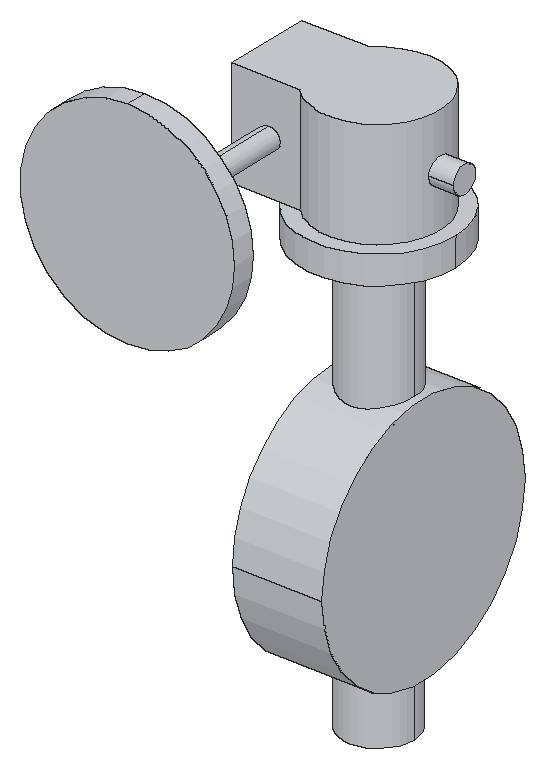
Revit family "HS497-68_disk-nerez_převodové kolo DN100-RFA_2019", category Pipe Accessories, Revit 2019
Family settings
  Round Connector Dimension = Use Diameter
  Part Type = Valve - Breaks Into
  Work Plane-Based = No
  Always vertical = Yes
  Cut with Voids When Loaded = No
  Shared = No
Parameters (values of type "HS 497-68_DN100_PN16_převodové kolo")
  magiProductId = "11e91b807e674d428c8e796fcdcfe2"
  magiProductFamilyId = "53cea81e6f374d17b8841d9c72ad77"
  magiPartTypeId = 305
  isMeasuringValve [instance] = no
  ang2D [instance] = 0.00°
  X11 = 61.456 mm
  X1 = 25.456 mm
  W2D = 1000 mm
  VersionID = "2.0/2017.9.26.1/ZETKAMA_497_001"
  Use Minimum Symbol Size [instance] = yes
  URL = "http://www.hydronic.cz"
  Type Comments = "mezipřírubová; nerezový disk; PN16; -10~+110°C (krátkodobě +120°C)"
  SW30 = yes
  SW3 = yes
  SW21 = no
  SW20 = no
  SW2 = no
  SW1 = no
  R = 50 mm
  QmdConnectorList = "301;D;302;D"
  Productdata [instance] = ""
  NC = 50 mm
  Manufacturer = "Hydronic Systems Prague s.r.o."
  MM20 = 25.456 mm
  MC Product Code = "126 100 (nerezový disk, s převodovým kolem; DN100; PN16, kvs512)"
  M41 = 65.25 mm
  M4 = 43.5 mm
  LHL = 220 mm
  LHH3 = 2.45 mm
  LHH1 = 46.55 mm
  LH1 = 73.333 mm
  L4R__ve = -L4R  # -12.8 mm
  L4R = 12.8 mm
  L42__ve = -L42  # -96 mm
  L42 = 96 mm
  L41__ve = -L41  # -19.2 mm
  L41 = 19.2 mm
  L2D_Min = 3048 mm
  L2D = 216 mm
  L2 = 26 mm
  L1 = 41.6 mm
  L = 52 mm
  H = 30 mm
  G22 = 11.25 mm
  G2 = 22.5 mm
  G1 = 90 mm
  G = 90 mm
  F = 11 mm
  E44 = 31.25 mm
  E42 = 62.5 mm
  E4 = 125 mm
  E23 = 4.9 mm
  E22 = 19.6 mm
  E21 = 9.8 mm
  Description = "Mezipřírubová uzavírací klapka s převodovým kolem; nerezový disk, DN100; PN16; kvs512"
  DR2 = 50 mm
  DR = 147 mm
  DD1 = 15.625 mm
  DD = 12.5 mm
  D = 100 mm
  CAT0 = yes
  B2__ve = -B2  # -56 mm
  B2 = 56 mm
  A2 = 16.5 mm
  A1 = 98.5 mm
Types (43, lengths in mm): name | magiProductId | X11 | X1 | Type Comments | SW30 | SW3 | SW20 | SW2 | SW1 | R | NC | Manufacturer | MM20 | MC Product Code | M41 | M4 | LHL | LHH3 | LHH1 | LH1 | L4R__ve | L4R | L42__ve | L42 | L41__ve | L41 | L2 | L1 | L | H | G | F | E44 | E42 | E4 | E23 | E22 | E21 | Description | DR2 | DR | DD1 | DD | D | B2__ve | B2 | A2 | A1
  HS 497-68_DN100_PN16_volné vřeteno | "65d1b245f4f142c78569c0602d5754" | 61.456 | 25.456 | "mezipřírubová; nerezový disk; PN16; -10~+110°C (krátkodobě +120°C)" | no | no | no | no | yes | 50 | 50 | "Hydronic Systems Prague s.r.o." | 25.456 | "124 100 (nerezový disk, s volným vřetenem; DN100; PN16, kvs512)" | 66 | 44 | 220 | 2.45 | 46.55 | 73.333 | -12.8 | 12.8 | -96 | 96 | -19.2 | 19.2 | 26 | 41.6 | 52 | 30 | 90 | 11 | 31.25 | 62.5 | 125 | 4.9 | 19.6 | 9.8 | "Mezipřírubová uzavírací klapka s volným vřetenem; nerezový disk, DN100; PN16; kvs512" | 50 | 147 | 15.625 | 12.5 | 100 | -56 | 56 | 16.5 | 98.5
  HS 497-68_DN100_PN16_převodové kolo | "11e91b807e674d428c8e796fcdcfe2" | 61.456 | 25.456 | "mezipřírubová; nerezový disk; PN16; -10~+110°C (krátkodobě +120°C)" | yes | yes | no | no | no | 50 | 50 | "Hydronic Systems Prague s.r.o." | 25.456 | "126 100 (nerezový disk, s převodovým kolem; DN100; PN16, kvs512)" | 65.25 | 43.5 | 220 | 2.45 | 46.55 | 73.333 | -12.8 | 12.8 | -96 | 96 | -19.2 | 19.2 | 26 | 41.6 | 52 | 30 | 90 | 11 | 31.25 | 62.5 | 125 | 4.9 | 19.6 | 9.8 | "Mezipřírubová uzavírací klapka s převodovým kolem; nerezový disk, DN100; PN16; kvs512" | 50 | 147 | 15.625 | 12.5 | 100 | -56 | 56 | 16.5 | 98.5
  HS 497-68_DN100_PN16_s pákou | "28172f0b3f4b47b28323ac71cf8749" | 61.456 | 25.456 | "mezipřírubová; nerezový disk; PN16; -10~+110°C (krátkodobě +120°C)" | no | no | yes | yes | no | 50 | 50 | "Hydronic Systems Prague s.r.o." | 25.456 | "121 100 (nerezový disk, s pákou; DN100; PN16, kvs512)" | 66 | 44 | 260 | 3 | 57 | 86.667 | -12.8 | 12.8 | -96 | 96 | -19.2 | 19.2 | 26 | 41.6 | 52 | 30 | 90 | 11 | 31.25 | 62.5 | 125 | 6 | 24 | 12 | "Mezipřírubová uzavírací klapka s pákou; nerezový disk, DN100; PN16; kvs512" | 50 | 147 | 15.625 | 12.5 | 100 | -56 | 56 | 16.5 | 98.5
  HS 497-68_DN125_PN16_volné vřeteno | "0d813d910fc14f628bb3c2efbd185c" | 61.456 | 25.456 | "mezipřírubová; nerezový disk; PN16; -10~+110°C (krátkodobě +120°C)" | no | no | no | no | yes | 62.5 | 50 | "Hydronic Systems Prague s.r.o." | 25.456 | "124 125 (nerezový disk, s volným vřetenem; DN125; PN16, kvs872)" | 66 | 44 | 220 | 2.45 | 46.55 | 73.333 | -12.8 | 12.8 | -96 | 96 | -19.2 | 19.2 | 28 | 44.8 | 56 | 33 | 90 | 14 | 31.25 | 62.5 | 125 | 4.9 | 19.6 | 9.8 | "Mezipřírubová uzavírací klapka s volným vřetenem; nerezový disk, DN125; PN16; kvs872" | 62.5 | 180 | 15.625 | 12.5 | 125 | -64 | 64 | 18 | 99.5
  HS 497-68_DN125_PN16_převodové kolo | "c56b7c13f372467684996fb1e0e229" | 61.456 | 25.456 | "mezipřírubová; nerezový disk; PN16; -10~+110°C (krátkodobě +120°C)" | yes | yes | no | no | no | 62.5 | 50 | "Hydronic Systems Prague s.r.o." | 25.456 | "126125 (nerezový disk, s převodovým kolem; DN125; PN16, kvs872)" | 65.25 | 43.5 | 220 | 2.45 | 46.55 | 73.333 | -13.5 | 13.5 | -101.25 | 101.25 | -20.25 | 20.25 | 28 | 44.8 | 56 | 33 | 90 | 14 | 40 | 80 | 160 | 4.9 | 19.6 | 9.8 | "Mezipřírubová uzavírací klapka s převodovým kolem; nerezový disk, DN125; PN16; kvs872" | 62.5 | 180 | 20 | 16 | 125 | -64 | 64 | 18 | 99.5
  HS 497-68_DN125_PN16_s pákou | "105993c79a91492399feef7931321a" | 61.456 | 25.456 | "mezipřírubová; nerezový disk; PN16; -10~+110°C (krátkodobě +120°C)" | no | no | yes | yes | no | 62.5 | 50 | "Hydronic Systems Prague s.r.o." | 25.456 | "121 125 (nerezový disk, s pákou; DN125; PN16, kvs872)" | 66 | 44 | 315 | 3.75 | 71.25 | 105 | -12.8 | 12.8 | -96 | 96 | -19.2 | 19.2 | 28 | 44.8 | 56 | 33 | 90 | 14 | 31.25 | 62.5 | 125 | 7.5 | 30 | 15 | "Mezipřírubová uzavírací klapka s pákou; nerezový disk, DN125; PN16; kvs872" | 62.5 | 180 | 15.625 | 12.5 | 125 | -64 | 64 | 18 | 99.5
  HS 497-68_DN150_PN16_volné vřeteno | "50c80cb8ab434f55ab7796e5ac1331" | 61.456 | 25.456 | "mezipřírubová; nerezový disk; PN16; -10~+110°C (krátkodobě +120°C)" | no | no | no | no | yes | 75 | 50 | "Hydronic Systems Prague s.r.o." | 25.456 | "124 150 (nerezový disk, s volným vřetenem; DN150; PN16, kvs1347)" | 66 | 44 | 220 | 2.45 | 46.55 | 73.333 | -12.8 | 12.8 | -96 | 96 | -19.2 | 19.2 | 28 | 44.8 | 56 | 33 | 90 | 14 | 31.25 | 62.5 | 125 | 4.9 | 19.6 | 9.8 | "Mezipřírubová uzavírací klapka s volným vřetenem; nerezový disk, DN150; PN16; kvs1347" | 75 | 206 | 15.625 | 12.5 | 150 | -58 | 58 | 19.3 | 98.7
  HS 497-68_DN150_PN16_převodové kolo | "d94a1a0cf83b476eb10011b327f709" | 61.456 | 25.456 | "mezipřírubová; nerezový disk; PN16; -10~+110°C (krátkodobě +120°C)" | yes | yes | no | no | no | 75 | 50 | "Hydronic Systems Prague s.r.o." | 25.456 | "126 150 (nerezový disk, s převodovým kolem; DN150; PN16, kvs1347)" | 65.25 | 43.5 | 220 | 2.45 | 46.55 | 73.333 | -13.5 | 13.5 | -101.25 | 101.25 | -20.25 | 20.25 | 28 | 44.8 | 56 | 33 | 90 | 14 | 40 | 80 | 160 | 4.9 | 19.6 | 9.8 | "Mezipřírubová uzavírací klapka s převodovým kolem; nerezový disk, DN150; PN16; kvs1347" | 75 | 206 | 20 | 16 | 150 | -58 | 58 | 19.3 | 98.7
  HS 497-68_DN150_PN16_s pákou | "4d2835523fe84828bc50ff0a5a0dfb" | 61.456 | 25.456 | "mezipřírubová; nerezový disk; PN16; -10~+110°C (krátkodobě +120°C)" | no | no | yes | yes | no | 75 | 50 | "Hydronic Systems Prague s.r.o." | 25.456 | "121 150 (nerezový disk, s pákou; DN150; PN16, kvs1347)" | 66 | 44 | 315 | 3.75 | 71.25 | 105 | -12.8 | 12.8 | -96 | 96 | -19.2 | 19.2 | 28 | 44.8 | 56 | 33 | 90 | 14 | 31.25 | 62.5 | 125 | 7.5 | 30 | 15 | "Mezipřírubová uzavírací klapka s pákou; nerezový disk, DN150; PN16; kvs1347" | 75 | 206 | 15.625 | 12.5 | 150 | -58 | 58 | 19.3 | 98.7
  HS 497-68_DN200_PN16_volné vřeteno | "5b29029eaeba47139ee1055a4b9201" | 61.456 | 25.456 | "mezipřírubová; nerezový disk; PN16; -10~+110°C (krátkodobě +120°C)" | no | no | no | no | yes | 100 | 50 | "Hydronic Systems Prague s.r.o." | 25.456 | "124 200 (nerezový disk, s volným vřetenem; DN200; PN16, kvs2675)" | 66 | 44 | 220 | 2.45 | 46.55 | 73.333 | -12.8 | 12.8 | -96 | 96 | -19.2 | 19.2 | 30 | 48 | 60 | 33 | 90 | 17 | 31.25 | 62.5 | 125 | 4.9 | 19.6 | 9.8 | "Mezipřírubová uzavírací klapka s volným vřetenem; nerezový disk, DN200; PN16; kvs2675" | 100 | 257 | 15.625 | 12.5 | 200 | -70 | 70 | 22.5 | 102.5
  HS 497-68_DN200_PN16_převodové kolo | "b2793cc1fcc44cf2a35062cd67c04f" | 61.456 | 25.456 | "mezipřírubová; nerezový disk; PN16; -10~+110°C (krátkodobě +120°C)" | yes | yes | no | no | no | 100 | 57 | "Hydronic Systems Prague s.r.o." | 25.456 | "126 200 (nerezový disk, s převodovým kolem; DN200; PN16, kvs2675)" | 78.75 | 52.5 | 220 | 2.45 | 46.55 | 73.333 | -15.2 | 15.2 | -114 | 114 | -22.8 | 22.8 | 30 | 48 | 60 | 33 | 90 | 17 | 50 | 100 | 200 | 4.9 | 19.6 | 9.8 | "Mezipřírubová uzavírací klapka s převodovým kolem; nerezový disk, DN200; PN16; kvs2675" | 100 | 257 | 25 | 20 | 200 | -70 | 70 | 22.5 | 102.5
  HS 497-68_DN200_PN16_s pákou | "f88d96c7af224537a51e72d7d8fffe" | 61.456 | 25.456 | "mezipřírubová; nerezový disk; PN16; -10~+110°C (krátkodobě +120°C)" | no | no | yes | yes | no | 100 | 50 | "Hydronic Systems Prague s.r.o." | 25.456 | "121 200 (nerezový disk, s pákou; DN200; PN16, kvs2675)" | 66 | 44 | 315 | 3.75 | 71.25 | 105 | -12.8 | 12.8 | -96 | 96 | -19.2 | 19.2 | 30 | 48 | 60 | 33 | 90 | 17 | 31.25 | 62.5 | 125 | 7.5 | 30 | 15 | "Mezipřírubová uzavírací klapka s pákou; nerezový disk, DN200; PN16; kvs2675" | 100 | 257 | 15.625 | 12.5 | 200 | -70 | 70 | 22.5 | 102.5
  HS 497-68_DN250_PN16_volné vřeteno | "b662e8305ca2402b9c510e66e6aa55" | 88.77 | 36.77 | "mezipřírubová; nerezový disk; PN16; -10~+110°C (krátkodobě +120°C)" | no | no | no | no | yes | 125 | 50 | "Hydronic Systems Prague s.r.o." | 36.77 | "124 250 (nerezový disk, s volným vřetenem; DN250; PN16, kvs4555)" | 66 | 44 | 220 | 2.45 | 46.55 | 73.333 | -12.8 | 12.8 | -96 | 96 | -19.2 | 19.2 | 34 | 54.4 | 68 | 23 | 130 | 22 | 31.25 | 62.5 | 125 | 4.9 | 19.6 | 9.8 | "Mezipřírubová uzavírací klapka s volným vřetenem; nerezový disk, DN250; PN16; kvs4555" | 125 | 324 | 15.625 | 12.5 | 250 | -85 | 85 | 28.25 | 129.25
  HS 497-68_DN250_PN16_převodové kolo | "5ee9016806664ddfaa2632711f295c" | 88.77 | 36.77 | "mezipřírubová; nerezový disk; PN16; -10~+110°C (krátkodobě +120°C)" | yes | yes | no | no | no | 125 | 70 | "Hydronic Systems Prague s.r.o." | 36.77 | "126 250 (nerezový disk, s převodovým kolem; DN250; PN16, kvs4555)" | 91.5 | 61 | 220 | 2.45 | 46.55 | 73.333 | -22.2 | 22.2 | -166.5 | 166.5 | -33.3 | 33.3 | 34 | 54.4 | 68 | 23 | 130 | 22 | 62.5 | 125 | 250 | 4.9 | 19.6 | 9.8 | "Mezipřírubová uzavírací klapka s převodovým kolem; nerezový disk, DN250; PN16; kvs4555" | 125 | 324 | 31.25 | 25 | 250 | -85 | 85 | 28.25 | 129.25
  HS 497-68_DN300_PN16_volné vřeteno | "e1886f51ff004380a649519258edf2" | 88.77 | 36.77 | "mezipřírubová; nerezový disk; PN16; -10~+110°C (krátkodobě +120°C)" | no | no | no | no | yes | 150 | 50 | "Hydronic Systems Prague s.r.o." | 36.77 | "124 300 (nerezový disk, s volným vřetenem; DN300; PN16, kvs7037)" | 66 | 44 | 220 | 2.45 | 46.55 | 73.333 | -12.8 | 12.8 | -96 | 96 | -19.2 | 19.2 | 39 | 62.4 | 78 | 23 | 130 | 22 | 31.25 | 62.5 | 125 | 4.9 | 19.6 | 9.8 | "Mezipřírubová uzavírací klapka s volným vřetenem; nerezový disk, DN300; PN16; kvs7037" | 150 | 376 | 15.625 | 12.5 | 300 | -90 | 90 | 30.8 | 127.2
  HS 497-68_DN300_PN16_převodové kolo | "6860f094f77d42088fbebc3c97f755" | 88.77 | 36.77 | "mezipřírubová; nerezový disk; PN16; -10~+110°C (krátkodobě +120°C)" | yes | yes | no | no | no | 150 | 70 | "Hydronic Systems Prague s.r.o." | 36.77 | "126 300 (nerezový disk, s převodovým kolem; DN300; PN16, kvs7037)" | 91.5 | 61 | 220 | 2.45 | 46.55 | 73.333 | -22.2 | 22.2 | -166.5 | 166.5 | -33.3 | 33.3 | 39 | 62.4 | 78 | 23 | 130 | 22 | 62.5 | 125 | 250 | 4.9 | 19.6 | 9.8 | "Mezipřírubová uzavírací klapka s převodovým kolem; nerezový disk, DN300; PN16; kvs7037" | 150 | 376 | 31.25 | 25 | 300 | -90 | 90 | 30.8 | 127.2
  HS 497-68_DN032_PN16_volné vřeteno | "8c5f65de52aa4067a77564107e31b2" | 61.456 | 25.456 | "mezipřírubová; nerezový disk; PN16; -10~+110°C (krátkodobě +120°C)" | no | no | no | no | yes | 16 | 50 | "Hydronic Systems Prague s.r.o." | 25.456 | "124 032 (nerezový disk, s volným vřetenem; DN32; PN16, kvs78)" | 66 | 44 | 220 | 2.45 | 46.55 | 73.333 | -12.8 | 12.8 | -96 | 96 | -19.2 | 19.2 | 16.5 | 26.4 | 33 | 30 | 90 | 11 | 31.25 | 62.5 | 125 | 4.9 | 19.6 | 9.8 | "Mezipřírubová uzavírací klapka s volným vřetenem; nerezový disk, DN32; PN16; kvs78" | 16 | 68 | 15.625 | 12.5 | 32 | -44.2 | 44.2 | 10.25 | 76.25
  HS 497-68_DN032_PN16_převodové kolo | "60aaeffa8b3a4e809ef000e4660060" | 61.456 | 25.456 | "mezipřírubová; nerezový disk; PN16; -10~+110°C (krátkodobě +120°C)" | yes | yes | no | no | no | 16 | 50 | "Hydronic Systems Prague s.r.o." | 25.456 | "126 032 (nerezový disk, s převodovým kolem; DN32; PN16, kvs78)" | 65.25 | 43.5 | 220 | 2.45 | 46.55 | 73.333 | -12.8 | 12.8 | -96 | 96 | -19.2 | 19.2 | 16.5 | 26.4 | 33 | 30 | 90 | 11 | 31.25 | 62.5 | 125 | 4.9 | 19.6 | 9.8 | "Mezipřírubová uzavírací klapka s převodovým kolem; nerezový disk, DN32; PN16; kvs78" | 16 | 68 | 15.625 | 12.5 | 32 | -44.2 | 44.2 | 10.25 | 76.25
  HS 497-68_DN032_PN16_s pákou | "9ad8088d610749a1b871aa2aad8007" | 61.456 | 25.456 | "mezipřírubová; nerezový disk; PN16; -10~+110°C (krátkodobě +120°C)" | no | no | yes | yes | no | 16 | 50 | "Hydronic Systems Prague s.r.o." | 25.456 | "121 032 (nerezový disk, s pákou; DN32; PN16, kvs78)" | 66 | 44 | 220 | 2.45 | 46.55 | 73.333 | -12.8 | 12.8 | -96 | 96 | -19.2 | 19.2 | 16.5 | 26.4 | 33 | 30 | 90 | 11 | 31.25 | 62.5 | 125 | 4.9 | 19.6 | 9.8 | "Mezipřírubová uzavírací klapka s pákou; nerezový disk, DN32; PN16; kvs78" | 16 | 68 | 15.625 | 12.5 | 32 | -44.2 | 44.2 | 10.25 | 76.25
  HS 497-68_DN350_PN10_volné vřeteno | "72a1e05f22944421b7e9596a877137" | 109.255 | 45.255 | "mezipřírubová; nerezový disk; PN10; -10~+110°C (krátkodobě +120°C)" | no | no | no | no | yes | 175 | 50 | "Hydronic Systems Prague s.r.o." | 45.255 | "124 350 (nerezový disk, s volným vřetenem; DN350; PN10, kvs10165)" | 66 | 44 | 220 | 2.45 | 46.55 | 73.333 | -12.8 | 12.8 | -96 | 96 | -19.2 | 19.2 | 39 | 62.4 | 78 | 31 | 160 | 22 | 31.25 | 62.5 | 125 | 4.9 | 19.6 | 9.8 | "Mezipřírubová uzavírací klapka s volným vřetenem; nerezový disk, DN350; PN10; kvs10165" | 175 | 430 | 15.625 | 12.5 | 350 | -88 | 88 | 33.85 | 129.65
  HS 497-68_DN350_PN10_převodové kolo | "a5a01426cb28494ba3afca92f1dace" | 109.255 | 45.255 | "mezipřírubová; nerezový disk; PN10; -10~+110°C (krátkodobě +120°C)" | yes | yes | no | no | no | 175 | 70 | "Hydronic Systems Prague s.r.o." | 45.255 | "126 350 (nerezový disk, s převodovým kolem; DN350; PN10, kvs10165)" | 91.5 | 61 | 220 | 2.45 | 46.55 | 73.333 | -22.2 | 22.2 | -166.5 | 166.5 | -33.3 | 33.3 | 39 | 62.4 | 78 | 31 | 160 | 22 | 62.5 | 125 | 250 | 4.9 | 19.6 | 9.8 | "Mezipřírubová uzavírací klapka s převodovým kolem; nerezový disk, DN350; PN10; kvs10165" | 175 | 430 | 31.25 | 25 | 350 | -88 | 88 | 33.85 | 129.65
  HS 497-68_DN400_PN10_volné vřeteno | "c70ebeb927c04ab99b176e257ad0a7" | 109.255 | 45.255 | "mezipřírubová; nerezový disk; PN10; -10~+110°C (krátkodobě +120°C)" | no | no | no | no | yes | 200 | 50 | "Hydronic Systems Prague s.r.o." | 45.255 | "124 400 (nerezový disk, s volným vřetenem; DN400; PN10, kvs13799)" | 66 | 44 | 220 | 2.45 | 46.55 | 73.333 | -12.8 | 12.8 | -96 | 96 | -19.2 | 19.2 | 51 | 81.6 | 102 | 31 | 160 | 27 | 31.25 | 62.5 | 125 | 4.9 | 19.6 | 9.8 | "Mezipřírubová uzavírací klapka s volným vřetenem; nerezový disk, DN400; PN10; kvs13799" | 200 | 485 | 15.625 | 12.5 | 400 | -108 | 108 | 38 | 142
  HS 497-68_DN400_PN10_převodové kolo | "cc64a4384dcb41b780d81810f4f293" | 109.255 | 45.255 | "mezipřírubová; nerezový disk; PN10; -10~+110°C (krátkodobě +120°C)" | yes | yes | no | no | no | 200 | 72.5 | "Hydronic Systems Prague s.r.o." | 45.255 | "126 400 (nerezový disk, s převodovým kolem; DN400; PN10, kvs13799)" | 103.5 | 69 | 220 | 2.45 | 46.55 | 73.333 | -27.8 | 27.8 | -208.5 | 208.5 | -41.7 | 41.7 | 51 | 81.6 | 102 | 31 | 160 | 27 | 75 | 150 | 300 | 4.9 | 19.6 | 9.8 | "Mezipřírubová uzavírací klapka s převodovým kolem; nerezový disk, DN400; PN10; kvs13799" | 200 | 485 | 37.5 | 30 | 400 | -108 | 108 | 38 | 142
  HS 497-68_DN040_PN16_volné vřeteno | "35f92312390745e88df5b5c325d9ee" | 61.456 | 25.456 | "mezipřírubová; nerezový disk; PN16; -10~+110°C (krátkodobě +120°C)" | no | no | no | no | yes | 20 | 50 | "Hydronic Systems Prague s.r.o." | 25.456 | "124 040 (nerezový disk, s volným vřetenem; DN40; PN16, kvs78)" | 66 | 44 | 220 | 2.45 | 46.55 | 73.333 | -12.8 | 12.8 | -96 | 96 | -19.2 | 19.2 | 16.5 | 26.4 | 33 | 30 | 90 | 11 | 31.25 | 62.5 | 125 | 4.9 | 19.6 | 9.8 | "Mezipřírubová uzavírací klapka s volným vřetenem; nerezový disk, DN40; PN16; kvs78" | 20 | 76 | 15.625 | 12.5 | 40 | -36 | 36 | 11 | 79
  HS 497-68_DN040_PN16_převodové kolo | "d88e968eae3445bc9b7b4e6ff35127" | 61.456 | 25.456 | "mezipřírubová; nerezový disk; PN16; -10~+110°C (krátkodobě +120°C)" | yes | yes | no | no | no | 20 | 50 | "Hydronic Systems Prague s.r.o." | 25.456 | "126 040 (nerezový disk, s převodovým kolem; DN40; PN16, kvs78)" | 65.25 | 43.5 | 220 | 2.45 | 46.55 | 73.333 | -12.8 | 12.8 | -96 | 96 | -19.2 | 19.2 | 16.5 | 26.4 | 33 | 30 | 90 | 11 | 31.25 | 62.5 | 125 | 4.9 | 19.6 | 9.8 | "Mezipřírubová uzavírací klapka s převodovým kolem; nerezový disk, DN40; PN16; kvs78" | 20 | 76 | 15.625 | 12.5 | 40 | -36 | 36 | 11 | 79
  HS 497-68_DN040_PN16_s pákou | "c1b522ca65b4407a98818f232eaacb" | 61.456 | 25.456 | "mezipřírubová; nerezový disk; PN16; -10~+110°C (krátkodobě +120°C)" | no | no | yes | yes | no | 20 | 50 | "Hydronic Systems Prague s.r.o." | 25.456 | "121 040 (nerezový disk, s pákou; DN40; PN16, kvs78)" | 66 | 44 | 220 | 2.45 | 46.55 | 73.333 | -12.8 | 12.8 | -96 | 96 | -19.2 | 19.2 | 16.5 | 26.4 | 33 | 30 | 90 | 11 | 31.25 | 62.5 | 125 | 4.9 | 19.6 | 9.8 | "Mezipřírubová uzavírací klapka s pákou; nerezový disk, DN40; PN16; kvs78" | 20 | 76 | 15.625 | 12.5 | 40 | -36 | 36 | 11 | 79
  HS 497-68_DN450_PN10_volné vřeteno | "a8358bc282f14872b3194e530e590a" | 129.74 | 53.74 | "mezipřírubová; nerezový disk; PN10; -10~+110°C (krátkodobě +120°C)" | no | no | no | no | yes | 225 | 50 | "Hydronic Systems Prague s.r.o." | 53.74 | "124 450 (nerezový disk, s volným vřetenem; DN450; PN10, kvs18514)" | 66 | 44 | 220 | 2.45 | 46.55 | 73.333 | -12.8 | 12.8 | -96 | 96 | -19.2 | 19.2 | 57 | 91.2 | 114 | 38 | 190 | 36 | 31.25 | 62.5 | 125 | 4.9 | 19.6 | 9.8 | "Mezipřírubová uzavírací klapka s volným vřetenem; nerezový, DN450; PN10; kvs18514" | 225 | 536 | 15.625 | 12.5 | 450 | -115 | 115 | 38.05 | 117.45
  HS 497-68_DN450_PN10_převodové kolo | "cdf2d80f54a9414f9cbe50647c0ebd" | 129.74 | 53.74 | "mezipřírubová; nerezový disk; PN10; -10~+110°C (krátkodobě +120°C)" | yes | yes | no | no | no | 225 | 91.5 | "Zetkama" | 53.74 | "126 450 (nerezový disk, s převodovým kolem; DN450; PN10, kvs18514)" | 144.75 | 96.5 | 220 | 2.45 | 46.55 | 73.333 | -32.1 | 32.1 | -240.75 | 240.75 | -48.15 | 48.15 | 57 | 91.2 | 114 | 38 | 190 | 36 | 100 | 200 | 400 | 4.9 | 19.6 | 9.8 | "Mezipřírubová uzavírací klapka s převodovým kolem; nerezový disk, DN450; PN10; kvs18514" | 225 | 536 | 50 | 40 | 450 | -115 | 115 | 38.05 | 117.45
  HS 497-68_DN500_PN10_volné vřeteno | "8c396e27bb2743f98f3c762b6517cd" | 143.397 | 59.397 | "mezipřírubová; nerezový disk; PN10; -10~+110°C (krátkodobě +120°C)" | no | no | no | no | yes | 250 | 50 | "Hydronic Systems Prague s.r.o." | 59.397 | "124 500 (nerezový disk, s volným vřetenem; DN500; PN10, kvs23805)" | 66 | 44 | 220 | 2.45 | 46.55 | 73.333 | -12.8 | 12.8 | -96 | 96 | -19.2 | 19.2 | 63.5 | 101.6 | 127 | 38 | 210 | 36 | 31.25 | 62.5 | 125 | 4.9 | 19.6 | 9.8 | "Mezipřírubová uzavírací klapka s volným vřetenem; nerezový disk, DN500; PN10; kvs23805" | 250 | 593 | 15.625 | 12.5 | 500 | -130 | 130 | 43.25 | 139.25
  HS 497-68_DN500_PN10_převodové kolo | "7647804f32e94cef828a7034a91a46" | 143.397 | 59.397 | "mezipřírubová; nerezový disk; PN10; -10~+110°C (krátkodobě +120°C)" | yes | yes | no | no | no | 250 | 91.5 | "Zetkama" | 59.397 | "126 500 (nerezový disk, s převodovým kolem; DN500; PN10, kvs23805)" | 144.75 | 96.5 | 220 | 2.45 | 46.55 | 73.333 | -32.1 | 32.1 | -240.75 | 240.75 | -48.15 | 48.15 | 63.5 | 101.6 | 127 | 38 | 210 | 36 | 100 | 200 | 400 | 4.9 | 19.6 | 9.8 | "Mezipřírubová uzavírací klapka s převodovým kolem; nerezový disk, DN500; PN10; kvs23805" | 250 | 593 | 50 | 40 | 500 | -130 | 130 | 43.25 | 139.25
  HS 497-68_DN050_volné vřeteno | "d71f296ecd6d4adf8f6e5d9853b4e0" | 61.456 | 25.456 | "mezipřírubová; nerezový disk; PN16; -10~+110°C (krátkodobě +120°C)" | no | no | no | no | yes | 25 | 50 | "Hydronic Systems Prague s.r.o." | 25.456 | "124 050 (nerezový disk, s volným vřetenem; DN50; PN16, kvs98)" | 66 | 44 | 220 | 2.45 | 46.55 | 73.333 | -12.8 | 12.8 | -96 | 96 | -19.2 | 19.2 | 21.5 | 34.4 | 43 | 30 | 90 | 11 | 31.25 | 62.5 | 125 | 4.9 | 19.6 | 9.8 | "Mezipřírubová uzavírací klapka s volným vřetenem; nerezový disk, DN50; PN16; kvs98" | 25 | 100 | 15.625 | 12.5 | 50 | -36.5 | 36.5 | 12 | 83
  HS 497-68_DN050_PN16_převodové kolo | "2fb080deeaed49c58418b94c1da5a4" | 61.456 | 25.456 | "mezipřírubová; nerezový disk; PN16; -10~+110°C (krátkodobě +120°C)" | yes | yes | no | no | no | 25 | 50 | "Hydronic Systems Prague s.r.o." | 25.456 | "126 050 (nerezový disk, s převodovým kolem; DN50; PN16, kvs98)" | 65.25 | 43.5 | 220 | 2.45 | 46.55 | 73.333 | -12.8 | 12.8 | -96 | 96 | -19.2 | 19.2 | 21.5 | 34.4 | 43 | 30 | 90 | 11 | 31.25 | 62.5 | 125 | 4.9 | 19.6 | 9.8 | "Mezipřírubová uzavírací klapka s převodovým kolem; nerezový disk, DN50; PN16; kvs98" | 25 | 100 | 15.625 | 12.5 | 50 | -36.5 | 36.5 | 12 | 83
  HS 497-68_DN050_PN16_s pákou | "dabc632061f94877a994b9b4e68112" | 61.456 | 25.456 | "mezipřírubová; nerezový disk; PN16; -10~+110°C (krátkodobě +120°C)" | no | no | yes | yes | no | 25 | 50 | "Hydronic Systems Prague s.r.o." | 25.456 | "121 050 (nerezový disk, s pákou; DN50; PN16, kvs98)" | 66 | 44 | 220 | 2.45 | 46.55 | 73.333 | -12.8 | 12.8 | -96 | 96 | -19.2 | 19.2 | 21.5 | 34.4 | 43 | 30 | 90 | 11 | 31.25 | 62.5 | 125 | 4.9 | 19.6 | 9.8 | "Mezipřírubová uzavírací klapka s pákou; nerezový disk, DN50; PN16; kvs98" | 25 | 100 | 15.625 | 12.5 | 50 | -36.5 | 36.5 | 12 | 83
  HS 497-68_DN600_PN10_volné vřeteno | "99d5892c14664fce81a7c5903f7711" | 143.397 | 59.397 | "mezipřírubová; nerezový disk; PN10; -10~+110°C (krátkodobě +120°C)" | no | no | no | no | yes | 300 | 50 | "Hydronic Systems Prague s.r.o." | 59.397 | "124 600 (nerezový disk, s volným vřetenem; DN600; PN10, kvs36778)" | 66 | 44 | 220 | 2.45 | 46.55 | 73.333 | -12.8 | 12.8 | -96 | 96 | -19.2 | 19.2 | 77 | 123.2 | 154 | 80 | 210 | 60 | 31.25 | 62.5 | 125 | 4.9 | 19.6 | 9.8 | "Mezipřírubová uzavírací klapka s volným vřetenem; nerezový disk, DN600; PN10; kvs36788" | 300 | 690 | 15.625 | 12.5 | 600 | -140 | 140 | 49.4 | 144.6
  HS 497-68_DN600_PN10_převodové kolo | "b1e26faab48a4c499f6bb11e7e3002" | 143.397 | 59.397 | "mezipřírubová; lnerezový disk; PN10; -10~+110°C (krátkodobě +120°C)" | yes | yes | no | no | no | 300 | 140 | "Hydronic Systems Prague s.r.o." | 59.397 | "126 600 (nerezový disk, s převodovým kolem; DN600; PN10, kvs36778)" | 206.25 | 137.5 | 220 | 2.45 | 46.55 | 73.333 | -40.8 | 40.8 | -306 | 306 | -61.2 | 61.2 | 77 | 123.2 | 154 | 80 | 210 | 60 | 125 | 250 | 500 | 4.9 | 19.6 | 9.8 | "Mezipřírubová uzavírací klapka s převodovým kolem; nerezový disk, DN600; PN10; kvs36788" | 300 | 690 | 62.5 | 50 | 600 | -140 | 140 | 49.4 | 144.6
  HS 497-68_DN065_PN16_volné vřeteno | "5e5e208646e34ec29f889baab5d08e" | 61.456 | 25.456 | "mezipřírubová; lnerezový disk; PN16; -10~+110°C (krátkodobě +120°C)" | no | no | no | no | yes | 32.5 | 50 | "Hydronic Systems Prague s.r.o." | 25.456 | "124 065 (nerezový disk, s volným vřetenem; DN65; PN16, kvs167)" | 66 | 44 | 220 | 2.45 | 46.55 | 73.333 | -12.8 | 12.8 | -96 | 96 | -19.2 | 19.2 | 23 | 36.8 | 46 | 30 | 90 | 11 | 31.25 | 62.5 | 125 | 4.9 | 19.6 | 9.8 | "Mezipřírubová uzavírací klapka s volným vřetenem; nerezový disk, DN65; PN16; kv167" | 32.5 | 108 | 15.625 | 12.5 | 65 | -36.5 | 36.5 | 13.5 | 89
  HS 497-68_DN065_PN16_převodové kolo | "654d74c8d15540b0bfe523d988ccb3" | 61.456 | 25.456 | "mezipřírubová; nerezový disk; PN16; -10~+110°C (krátkodobě +120°C)" | yes | yes | no | no | no | 32.5 | 50 | "Hydronic Systems Prague s.r.o." | 25.456 | "126 065 (nerezový disk, s převodovým kolem; DN65; PN16, kvs167)" | 65.25 | 43.5 | 220 | 2.45 | 46.55 | 73.333 | -12.8 | 12.8 | -96 | 96 | -19.2 | 19.2 | 23 | 36.8 | 46 | 30 | 90 | 11 | 31.25 | 62.5 | 125 | 4.9 | 19.6 | 9.8 | "Mezipřírubová uzavírací klapka s převodovým kolem; nerezový disk, DN65; PN16; kvs167" | 32.5 | 108 | 15.625 | 12.5 | 65 | -36.5 | 36.5 | 13.5 | 89
  HS 497-68_DN065_PN16_s pákou | "ebeb4b59db0641caaf6d6635ab37b9" | 61.456 | 25.456 | "mezipřírubová; nerezový disk; PN16; -10~+110°C (krátkodobě +120°C)" | no | no | yes | yes | no | 32.5 | 50 | "Hydronic Systems Prague s.r.o." | 25.456 | "121 065 (nerezový disk, s pákou; DN65; PN16, kvs167)" | 66 | 44 | 220 | 2.45 | 46.55 | 73.333 | -12.8 | 12.8 | -96 | 96 | -19.2 | 19.2 | 23 | 36.8 | 46 | 30 | 90 | 11 | 31.25 | 62.5 | 125 | 4.9 | 19.6 | 9.8 | "Mezipřírubová uzavírací klapka s pákou; nerezový disk, DN65; PN16; kvs167" | 32.5 | 108 | 15.625 | 12.5 | 65 | -36.5 | 36.5 | 13.5 | 89
  HS 497-68_DN080_PN16_volné vřeteno | "9e85c75c18654e1185a9c48ed6b00e" | 61.456 | 25.456 | "mezipřírubová; nerezový disk; PN16; -10~+110°C (krátkodobě +120°C)" | no | no | no | no | yes | 40 | 50 | "Hydronic Systems Prague s.r.o." | 25.456 | "124 080 (nerezový disk, s volným vřetenem; DN80; PN16, kvs258)" | 66 | 44 | 220 | 2.45 | 46.55 | 73.333 | -12.8 | 12.8 | -96 | 96 | -19.2 | 19.2 | 23 | 36.8 | 46 | 30 | 90 | 11 | 31.25 | 62.5 | 125 | 4.9 | 19.6 | 9.8 | "Mezipřírubová uzavírací klapka s volným vřetenem; nerezový disk, DN80; PN16; kvs258" | 40 | 124 | 15.625 | 12.5 | 80 | -54 | 54 | 14.1 | 86.9
  HS 497-68_DN080_PN16_převodové kolo | "5b3c8238c3d041e68c75b199e7ea46" | 61.456 | 25.456 | "mezipřírubová; nerezový disk; PN16; -10~+110°C (krátkodobě +120°C)" | yes | yes | no | no | no | 40 | 50 | "Hydronic Systems Prague s.r.o." | 25.456 | "126 080 (nerezový disk, s převodovým kolem; DN80; PN16, kvs258)" | 65.25 | 43.5 | 220 | 2.45 | 46.55 | 73.333 | -12.8 | 12.8 | -96 | 96 | -19.2 | 19.2 | 23 | 36.8 | 46 | 30 | 90 | 11 | 31.25 | 62.5 | 125 | 4.9 | 19.6 | 9.8 | "Mezipřírubová uzavírací klapka s převodovým kolem; nerezový disk, DN80; PN16; kvs258" | 40 | 124 | 15.625 | 12.5 | 80 | -54 | 54 | 14.1 | 86.9
  HS 497-68_DN080_PN16_s pákou | "e414795fab0f4eccb99bc3572c5477" | 61.456 | 25.456 | "mezipřírubová; nerezový disk; PN16; -10~+110°C (krátkodobě +120°C)" | no | no | yes | yes | no | 40 | 50 | "Hydronic Systems Prague s.r.o." | 25.456 | "121 080 (nerezový disk, s pákou; DN80; PN16, kvs258)" | 66 | 44 | 260 | 3 | 57 | 86.667 | -12.8 | 12.8 | -96 | 96 | -19.2 | 19.2 | 23 | 36.8 | 46 | 30 | 90 | 11 | 31.25 | 62.5 | 125 | 6 | 24 | 12 | "Mezipřírubová uzavírací klapka s pákou; nerezový disk, DN80; PN16; kvs258" | 40 | 124 | 15.625 | 12.5 | 80 | -54 | 54 | 14.1 | 86.9
  HS 497-68_DN250_PN16_s pákou | "" | 88.77 | 36.77 | "mezipřírubová; nerezový disk; PN16; -10~+110°C (krátkodobě +120°C)" | no | no | yes | yes | no | 125 | 70 | "Hydronic Systems Prague s.r.o." | 36.77 | "121 250 (nerezový disk, s ákou; DN250; PN16, kvs4555)" | 91.5 | 61 | 220 | 2.45 | 46.55 | 73.333 | -22.2 | 22.2 | -166.5 | 166.5 | -33.3 | 33.3 | 34 | 54.4 | 68 | 23 | 130 | 22 | 62.5 | 125 | 250 | 4.9 | 19.6 | 9.8 | "Mezipřírubová uzavírací klapka s pákou; nerezový disk, DN250; PN16; kvs4555" | 125 | 324 | 31.25 | 25 | 250 | -85 | 85 | 28.25 | 129.25
  HS 497-68_DN300_PN16_s pákou | "" | 88.77 | 36.77 | "mezipřírubová; nerezový disk; PN16; -10~+110°C (krátkodobě +120°C)" | no | no | yes | yes | no | 150 | 70 | "Hydronic Systems Prague s.r.o." | 36.77 | "121 300 (nerezový disk, s pákou; DN300; PN16, kvs7037)" | 91.5 | 61 | 220 | 2.45 | 46.55 | 73.333 | -22.2 | 22.2 | -166.5 | 166.5 | -33.3 | 33.3 | 39 | 62.4 | 78 | 23 | 130 | 22 | 62.5 | 125 | 250 | 4.9 | 19.6 | 9.8 | "Mezipřírubová uzavírací klapka s pákou; nerezový disk, DN300; PN16; kvs7037" | 150 | 376 | 31.25 | 25 | 300 | -90 | 90 | 30.8 | 127.2
Reference planes
  plane 1 "Center (Front/Back)": y = 0
  plane 2 "XYPLANE": z = 0
  plane 3 "Center (Left/Right)": x = 0
  plane 4 "473": x = -25.456
  plane 5 "472": x = -65.25
  plane 6 "471": y = -25.456
  plane 7 "470": y = 25.456
  plane 8 "469": x = -43.5
  plane 9 "468": y = -115.2
  plane 10 "467": y = -96
  plane 11 "466": z = 196.25
  plane 12 "465": z = 211.55
  plane 13 "464": y = 145.417
  plane 14 "463": z = 201.75
  plane 15 "462": z = 184.6
  plane 16 "461": z = 194.4
  plane 17 "460": y = 72.083
  plane 18 "459": x = -11.25
  plane 19 "458": x = 11.25
  plane 20 "457": y = -6.25
  plane 21 "456": x = -17.5
  plane 22 "455": x = 17.5
  plane 23 "454": z = 199.3
  plane 24 "453": y = 62.083
  plane 25 "452": y = -11.25
  plane 26 "451": x = -22.5
  plane 27 "450": x = 22.5
  plane 28 "449": z = 179.7
  plane 29 "448": z = 174.8
  plane 30 "447": z = -50
  plane 31 "446": z = 165
  plane 32 "445": z = 148.5
  plane 33 "444": z = 50
  plane 34 "443": x = 26
  plane 35 "442": x = -26
  plane 36 "441": z = 0
  plane 37 "440": y = 0
  plane 38 "439": x = 0
  plane 39 "438": z = 214
  plane 40 "437": z = 199.3
  plane 41 "436": x = 13.7
  plane 42 "435": x = -13.7
  plane 43 "434": y = 220
Forms (mm)
  Extrusion 1, solid, visible <- "SW3"
    sketch origin (-750, 0, 165) x (1, 0, 0) y (0, 1, 0)
      loop
        line (684.75, 25.456) -> (684.75, -25.456) -> (724.544, -25.456)
        arc (724.544, -25.456) -> (786, 0) -> (724.544, 25.456) r 36
        line (724.544, 25.456) -> (684.75, 25.456)
    from 0 to 62.5 <- "E42"
  Extrusion 2, solid, visible <- "SW30"
    sketch origin (0, -750, 0) x (0, 1, 0) y (0, 0, 1)
      loop
        circle (750, 196.25) r 7.813
    from 0 to 50 <- "NC"
  Extrusion 3, solid, visible <- "SW30"
    sketch origin (750, -115.2, 0) x (-1, 0, 0) y (0, 0, 1)
      loop
        circle (793.5, 196.25) r 62.5
    from 0 to -12.8 <- "L4R__ve"
  Extrusion 4, solid, visible <- "SW3"
    sketch origin (750, -96, 0) x (-1, 0, 0) y (0, 0, 1)
      loop
        circle (793.5, 196.25) r 7.813
    from 0 to -19.2 <- "L41__ve"
  Extrusion 5, solid, visible <- "SW30"
    sketch origin (750, 0, 0) x (-1, 0, 0) y (0, 0, 1)
      loop
        circle (793.5, 196.25) r 6.25
    from 0 to -96 <- "L42__ve"
  Blend 6, solid, visible <- "SW21"
    base sketch origin (750, 72.083, 0) x (-1, 0, 0) y (0, 0, 1)
      loop
        line (761.25, 194.4) -> (738.75, 194.4) -> (738.75, 184.6) -> (761.25, 184.6) -> (761.25, 194.4)
    top sketch origin (750, 72.083, 0) x (-1, 0, 0) y (0, 0, 1)
      loop
        line (761.25, 211.55) -> (738.75, 211.55) -> (738.75, 201.75) -> (761.25, 201.75) -> (761.25, 211.55)
    from 0 to 73.333
  Blend 7, solid, visible <- "SW21"
    base sketch origin (750, 62.083, 0) x (-1, 0, 0) y (0, 0, 1)
      loop
        line (761.25, 199.3) -> (738.75, 199.3) -> (738.75, 179.7) -> (761.25, 179.7) -> (761.25, 199.3)
    top sketch origin (750, 62.083, 0) x (-1, 0, 0) y (0, 0, 1)
      loop
        line (761.25, 194.4) -> (738.75, 194.4) -> (738.75, 184.6) -> (761.25, 184.6) -> (761.25, 194.4)
    from 0 to 10
  Blend 8, solid, visible <- "SW21"
    base sketch origin (-750, 0, 179.7) x (1, 0, 0) y (0, 1, 0)
      loop
        line (772.5, 62.083) -> (727.5, 62.083) -> (727.5, -11.25)
        arc (727.5, -11.25) -> (750, -31.25) -> (772.5, -11.25) r 22.656
        line (772.5, -11.25) -> (772.5, 62.083)
    top sketch origin (-750, 0, 179.7) x (1, 0, 0) y (0, 1, 0)
      loop
        line (767.5, 62.083) -> (732.5, 62.083) -> (732.5, -6.25)
        arc (732.5, -6.25) -> (750, -26.25) -> (767.5, -6.25) r 17.656
        line (767.5, -6.25) -> (767.5, 62.083)
    from 0 to 19.6
  Extrusion 9, solid, visible <- "SW2"
    sketch origin (-750, 0, 174.8) x (1, 0, 0) y (0, 1, 0)
      loop
        circle (750, 0) r 11.25
    from 0 to 4.9 <- "E23"
  Extrusion 10, solid, visible <- "SW2"
    sketch origin (-750, 0, 165) x (1, 0, 0) y (0, 1, 0)
      loop
        circle (750, 0) r 45
    from 0 to 9.8 <- "E21"
  Extrusion 11, solid, visible <- "CAT0"
    sketch origin (-750, 0, -50) x (1, 0, 0) y (0, 1, 0)
      loop
        circle (750, 0) r 20.8
    from 0 to -56 <- "B2__ve"
  Extrusion 12, solid, visible <- "CAT0"
    sketch origin (-750, 0, 148.5) x (1, 0, 0) y (0, 1, 0)
      loop
        circle (750, 0) r 45
    from 0 to 16.5 <- "A2"
  Extrusion 13, solid, visible <- "CAT0"
    sketch origin (-750, 0, 50) x (1, 0, 0) y (0, 1, 0)
      loop
        circle (750, 0) r 20.8
    from 0 to 98.5 <- "A1"
  Extrusion 14, solid, visible <- "CAT0"
    sketch origin (-26, -750, 0) x (0, 1, 0) y (0, 0, 1)
      loop
        circle (750, 0) r 73.5
    from 0 to 52 <- "L"
  Extrusion 15, solid, visible <- "SW1"
    sketch origin (-750, 0, 165) x (1, 0, 0) y (0, 1, 0)
      loop
        line (755.5, 5.5) -> (744.5, 5.5) -> (744.5, -5.5) -> (755.5, -5.5) -> (755.5, 5.5)
    from 0 to 30 <- "H"
  Blend 16, solid, visible <- "SW2"
    base sketch origin (750, 145.417, 0) x (-1, 0, 0) y (0, 0, 1)
      loop
        arc (763.7, 209) -> (762.236, 212.536) -> (758.7, 214) r 5
        line (758.7, 214) -> (741.3, 214)
        arc (741.3, 214) -> (737.764, 212.536) -> (736.3, 209) r 5
        line (736.3, 209) -> (736.3, 204.3)
        arc (736.3, 204.3) -> (737.764, 200.764) -> (741.3, 199.3) r 5
        line (741.3, 199.3) -> (758.7, 199.3)
        arc (758.7, 199.3) -> (762.236, 200.764) -> (763.7, 204.3) r 5
        line (763.7, 204.3) -> (763.7, 209)
    top sketch origin (750, 145.417, 0) x (-1, 0, 0) y (0, 0, 1)
      loop
        arc (763.7, 209) -> (762.236, 212.536) -> (758.7, 214) r 5
        line (758.7, 214) -> (741.3, 214)
        arc (741.3, 214) -> (737.764, 212.536) -> (736.3, 209) r 5
        line (736.3, 209) -> (736.3, 204.3)
        arc (736.3, 204.3) -> (737.764, 200.764) -> (741.3, 199.3) r 5
        line (741.3, 199.3) -> (758.7, 199.3)
        arc (758.7, 199.3) -> (762.236, 200.764) -> (763.7, 204.3) r 5
        line (763.7, 204.3) -> (763.7, 209)
    from 0 to 74.583
  Blend 17, solid, visible <- "SW20"
    base sketch origin (750, 145.417, 0) x (-1, 0, 0) y (0, 0, 1)
      loop
        line (763.7, 214) -> (736.3, 214) -> (736.3, 199.3) -> (763.7, 199.3) -> (763.7, 214)
    top sketch origin (750, 145.417, 0) x (-1, 0, 0) y (0, 0, 1)
      loop
        line (761.25, 199.3) -> (738.75, 199.3) -> (738.75, 179.7) -> (761.25, 179.7) -> (761.25, 199.3)
    from 0 to -83.333
  Extrusion 18, solid, visible <- "SW20"
    sketch origin (-750, 0, 179.7) x (1, 0, 0) y (0, 1, 0)
      loop
        line (772.5, 62.083) -> (727.5, 62.083) -> (727.5, -11.25)
        arc (727.5, -11.25) -> (750, -31.25) -> (772.5, -11.25) r 22.656
        line (772.5, -11.25) -> (772.5, 62.083)
    from 0 to 19.6 <- "E22"
  Extrusion 19, solid, not visible
    sketch origin (-26, -750, 0) x (0, 1, 0) y (0, 0, 1)
      loop
        circle (750, 0) r 10
    from 0 to 10
  Extrusion 20, solid, not visible
    sketch origin (26, -750, 0) x (0, 1, 0) y (0, 0, 1)
      loop
        circle (750, 0) r 10
    from 0 to -10
Lines and regions (mm)
  reference lines, not visible
    curve 1: circle (2, 2, 0) r 1 normal (0, 0, 1)
  reference lines
    curve 2: line (-25.456, -25.456, 165) -> (-25.456, 25.456, 165)
    curve 3: line (-17.5, -6.25, 179.7) -> (17.5, -6.25, 179.7)
    curve 4: line (-22.5, -11.25, 179.7) -> (22.5, -11.25, 179.7)
    curve 5: circle (0, 0, 165) r 1 normal (0, 0, 1)
    curve 6: line (-22.5, -11.25, 179.7) -> (22.5, -11.25, 179.7)
Dimensions and locks
  plane 1 "Center (Front/Back)" to curve 1 = 2 mm
  "X1": plane 3 "Center (Left/Right)" to plane 4 "473"
  "M41": plane 3 "Center (Left/Right)" to plane 5 "472"
  "MM20": plane 1 "Center (Front/Back)" to plane 6 "471"
  "MM20": plane 1 "Center (Front/Back)" to plane 7 "470"
  "M4": plane 3 "Center (Left/Right)" to plane 8 "469"
  "L41": plane 10 "467" to plane 9 "468"
  "L42": plane 1 "Center (Front/Back)" to plane 10 "467"
  "E44": plane 31 "446" to plane 11 "466"
  "LHH1": plane 31 "446" to plane 12 "465"
  "LH1": plane 17 "460" to plane 13 "464"
  "E21": plane 12 "465" to plane 14 "463"
  "E21": plane 16 "461" to plane 15 "462"
  "E23": plane 23 "454" to plane 16 "461"
  locked: plane 24 "453" to plane 17 "460" at 10
  "G22": plane 3 "Center (Left/Right)" to plane 18 "459"
  "G22": plane 3 "Center (Left/Right)" to plane 19 "458"
  locked: plane 25 "452" to plane 20 "457" at 5
  locked: plane 26 "451" to plane 21 "456" at 5
  locked: plane 27 "450" to plane 22 "455" at 5
  "E22": plane 28 "449" to plane 23 "454"
  "LH1": plane 25 "452" to plane 24 "453"
  "G22": plane 1 "Center (Front/Back)" to plane 25 "452"
  "G2": plane 3 "Center (Left/Right)" to plane 26 "451"
  "G2": plane 3 "Center (Left/Right)" to plane 27 "450"
  "E23": plane 29 "448" to plane 28 "449"
  "E21": plane 31 "446" to plane 29 "448"
  "R": plane 2 "XYPLANE" to plane 30 "447"
  "A2": plane 32 "445" to plane 31 "446"
  "A1": plane 33 "444" to plane 32 "445"
  "DR2": plane 2 "XYPLANE" to plane 33 "444"
  "L2": plane 3 "Center (Left/Right)" to plane 34 "443"
  "L2": plane 3 "Center (Left/Right)" to plane 35 "442"
  locked: plane 2 "XYPLANE" to plane 36 "441"
  locked: plane 1 "Center (Front/Back)" to plane 37 "440"
  locked: plane 3 "Center (Left/Right)" to plane 38 "439"
  "LHH3": plane 12 "465" to plane 39 "438"
  "LHH3": plane 14 "463" to plane 40 "437"
  "LHH3": plane 19 "458" to plane 41 "436"
  "LHH3": plane 18 "459" to plane 42 "435"
  "LHL": plane 1 "Center (Front/Back)" to plane 43 "434"
  "X11": curve 2 to Extrusion 1 sketch curve
  Extrusion 1 sketch curve to Extrusion 1 sketch curve = 0 mm  (x8)
  Blend 6 sketch curve to Blend 6 sketch curve = 0 mm  (x16)
  Blend 7 sketch curve to Blend 7 sketch curve = 0 mm  (x16)
  Blend 8 sketch curve to Blend 8 sketch curve = 0 mm  (x16)
  equal spacing: Extrusion 15 sketch curve, curve 5, Extrusion 15 sketch curve  (x2)
  "F": Extrusion 15 sketch curve to Extrusion 15 sketch curve  (x2)
  Blend 16 sketch curve to Blend 16 sketch curve = 0 mm  (x32)
  Blend 17 sketch curve to Blend 17 sketch curve = 0 mm  (x16)
  Extrusion 18 sketch curve to Extrusion 18 sketch curve = 0 mm  (x8)
  "DD1": diameter of Extrusion 2 sketch curve
  "E4": diameter of Extrusion 3 sketch curve
  "DD1": diameter of Extrusion 4 sketch curve
  "DD": diameter of Extrusion 5 sketch curve
  "G2": diameter of Extrusion 9 sketch curve
  "G1": diameter of Extrusion 10 sketch curve
  "L1": diameter of Extrusion 11 sketch curve
  "G": diameter of Extrusion 12 sketch curve
  "L1": diameter of Extrusion 13 sketch curve
  "DR": diameter of Extrusion 14 sketch curve
  radius of Blend 16 sketch curve = 5 mm  (x8)
  aligned and locked: level to plane 2 "XYPLANE"
  aligned and locked: Extrusion 1 sketch curve to plane 5 "472"
  aligned and locked: plane 7 "470" to Extrusion 1 sketch curve
  aligned and locked: plane 6 "471" to Extrusion 1 sketch curve
  aligned and locked: plane 5 "472" to Extrusion 1 sketch curve
  aligned and locked: plane 4 "473" to Extrusion 1 sketch curve  (x2)
  aligned and locked: plane 4 "473" to curve 2
  aligned and locked: plane 6 "471" to curve 2
  aligned and locked: plane 7 "470" to curve 2
  aligned and locked: Extrusion 1 sketch curve to plane 7 "470"
  aligned and locked: plane 11 "466" to Extrusion 2 sketch curve
  aligned and locked: plane 37 "440" to Extrusion 2 sketch curve
  aligned and locked: plane 8 "469" to Extrusion 3 sketch curve
  aligned and locked: plane 11 "466" to Extrusion 3 sketch curve
  aligned and locked: plane 8 "469" to Extrusion 4 sketch curve
  aligned and locked: plane 11 "466" to Extrusion 4 sketch curve
  aligned and locked: plane 8 "469" to Extrusion 5 sketch curve
  aligned and locked: plane 11 "466" to Extrusion 5 sketch curve
  aligned and locked: plane 12 "465" to Blend 6 sketch curve  (x2)
  aligned and locked: plane 18 "459" to Blend 6 sketch curve  (x4)
  aligned and locked: plane 19 "458" to Blend 6 sketch curve  (x4)
  aligned and locked: plane 14 "463" to Blend 6 sketch curve  (x2)
  aligned and locked: plane 16 "461" to Blend 6 sketch curve  (x2)
  aligned and locked: plane 15 "462" to Blend 6 sketch curve  (x2)
  aligned and locked: plane 13 "464" to Blend 6
  aligned and locked: plane 16 "461" to Blend 7 sketch curve  (x2)
  aligned and locked: plane 18 "459" to Blend 7 sketch curve  (x4)
  aligned and locked: plane 19 "458" to Blend 7 sketch curve  (x4)
  aligned and locked: plane 15 "462" to Blend 7 sketch curve  (x2)
  aligned and locked: plane 23 "454" to Blend 7 sketch curve  (x2)
  aligned and locked: plane 28 "449" to Blend 7 sketch curve  (x2)
  aligned and locked: plane 17 "460" to Blend 7
  aligned and locked: plane 24 "453" to Blend 8 sketch curve  (x4)
  aligned and locked: plane 22 "455" to Blend 8 sketch curve  (x2)
  aligned and locked: plane 21 "456" to Blend 8 sketch curve
  aligned and locked: plane 20 "457" to Blend 8 sketch curve  (x2)
  aligned and locked: curve 3 to plane 20 "457"
  aligned and locked: plane 21 "456" to curve 3
  aligned and locked: plane 22 "455" to curve 3
  aligned and locked: plane 27 "450" to Blend 8 sketch curve  (x2)
  aligned and locked: plane 26 "451" to Blend 8 sketch curve
  aligned and locked: plane 25 "452" to Blend 8 sketch curve  (x2)
  aligned and locked: curve 4 to plane 25 "452"
  aligned and locked: plane 26 "451" to curve 4
  aligned and locked: plane 27 "450" to curve 4
  aligned and locked: plane 23 "454" to Blend 8
  aligned and locked: plane 37 "440" to Extrusion 9 sketch curve
  aligned and locked: plane 38 "439" to Extrusion 9 sketch curve
  aligned and locked: plane 37 "440" to Extrusion 10 sketch curve
  aligned and locked: plane 38 "439" to Extrusion 10 sketch curve
  aligned and locked: plane 37 "440" to Extrusion 11 sketch curve
  aligned and locked: plane 38 "439" to Extrusion 11 sketch curve
  aligned and locked: plane 37 "440" to Extrusion 12 sketch curve
  aligned and locked: plane 38 "439" to Extrusion 12 sketch curve
  aligned and locked: plane 37 "440" to Extrusion 13 sketch curve
  aligned and locked: plane 38 "439" to Extrusion 13 sketch curve
  aligned and locked: plane 36 "441" to Extrusion 14 sketch curve
  aligned and locked: Extrusion 14 sketch curve to plane 37 "440"
  aligned and locked: plane 37 "440" to curve 5
  aligned and locked: plane 38 "439" to curve 5
  aligned and locked: plane 39 "438" to Blend 16 sketch curve  (x2)
  aligned and locked: plane 41 "436" to Blend 16 sketch curve  (x2)
  aligned and locked: Blend 16 sketch curve to plane 40 "437"  (x2)
  aligned and locked: Blend 16 sketch curve to plane 42 "435"  (x2)
  aligned and locked: plane 43 "434" to Blend 16
  aligned and locked: plane 23 "454" to Blend 17 sketch curve  (x2)
  aligned and locked: plane 18 "459" to Blend 17 sketch curve  (x2)
  aligned and locked: plane 19 "458" to Blend 17 sketch curve  (x2)
  aligned and locked: plane 28 "449" to Blend 17 sketch curve  (x2)
  aligned and locked: plane 39 "438" to Blend 17 sketch curve  (x2)
  aligned and locked: plane 42 "435" to Blend 17 sketch curve  (x2)
  aligned and locked: plane 41 "436" to Blend 17 sketch curve  (x2)
  aligned and locked: plane 40 "437" to Blend 17 sketch curve  (x2)
  aligned and locked: Blend 17 to plane 24 "453"
  aligned and locked: plane 24 "453" to Extrusion 18 sketch curve  (x2)
  aligned and locked: plane 27 "450" to Extrusion 18 sketch curve  (x2)
  aligned and locked: plane 26 "451" to Extrusion 18 sketch curve
  aligned and locked: plane 25 "452" to Extrusion 18 sketch curve  (x2)
  aligned and locked: curve 6 to plane 25 "452"
  aligned and locked: plane 26 "451" to curve 6
  aligned and locked: plane 27 "450" to curve 6
  aligned and locked: plane 36 "441" to Extrusion 19 sketch curve
  aligned and locked: Extrusion 19 sketch curve to plane 37 "440"
  aligned and locked: plane 36 "441" to Extrusion 20 sketch curve
  aligned and locked: Extrusion 20 sketch curve to plane 37 "440"
Automatic sketch dimensions
  Blend 8 sketch curve to plane 20 "457" = 2.344 mm  (x2)
  Extrusion 18 sketch curve to plane 20 "457" = 2.344 mm
  plane 25 "452" to Extrusion 19 sketch curve = 1.25 mm
  plane 25 "452" to Extrusion 20 sketch curve = 1.25 mm
  plane 3 "Center (Left/Right)" to curve 1 = 2 mm
  Extrusion 15 sketch curve to plane 3 "Center (Left/Right)" = 5.5 mm
  plane 20 "457" to Extrusion 15 sketch curve = 0.75 mm
  radius of curve 5 = 1 mm
  radius of curve 1 = 1 mm
Connectors
  piping at (-26, 0, 0), diameter 100, driven by "D"
    settings: on Extrusion 19, index 1, connector inside diameter 609.6 mm, connector length 0 mm, flow factor 0, pipe flow 0.0 L/s, pressure drop 0.0 Pa, fitting loss kfactor 0, connector angle 0.00°, fixture units 0, engagement length 0 mm, angle of deflection 0.00°, flow configuration 0, flow direction 0, fitting loss method 0, system type 29, joint type 0, gender type 0, connector reference index 2, connector utility 0, adjustable connector no, is connector primary yes, connector description ""
  piping at (26, 0, 0), diameter 100, driven by "D"
    settings: on Extrusion 20, index 2, connector inside diameter 609.6 mm, connector length 0 mm, flow factor 0, pipe flow 0.0 L/s, pressure drop 0.0 Pa, fitting loss kfactor 0, connector angle 0.00°, fixture units 0, engagement length 0 mm, angle of deflection 0.00°, flow configuration 0, flow direction 0, fitting loss method 0, system type 29, joint type 0, gender type 0, connector reference index 1, connector utility 0, adjustable connector no, is connector primary no, connector description ""
